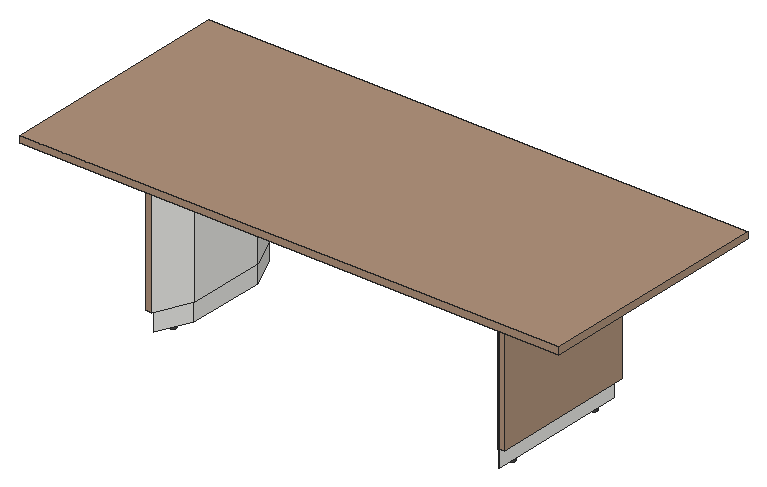
Revit family "Tables-Meeting-Teknion-BC_MHRB_Height_Adjustable_Meeting_Table_Bevel_Bases-R2019", category Furniture, Revit 2019
Family settings
  OmniClass Number = 23.40.20.00
  OmniClass Title = General Furniture and Specialties
  Work Plane-Based = No
  Always vertical = Yes
  Cut with Voids When Loaded = No
  Shared = Yes
  Room Calculation Point = No
Parameters (values of type "1 3/16" Worksurface Thickness, Standard Range - 28" to 43", 42" Depth")
  Worksurface Thickness = 1.189"
  Worksurface Finish [instance] = Source Laminate - Teknion - 3M - Provincial Oak
  Width [instance] = 96.000"
  Warranty = "http://www.teknion.com/ca/papers/legal-canada"
  Unit Weight URL = "http://www.teknion.com/ca/tools/assets#&asset=bee6a381-b954-425e-8283-5a2de3a804f2,f828d448-4b62-4231-9e5f-9a8991c0ed77"
  URL = "www.teknion.com"
  To render please download texture images found here [instance] = "https://assets.teknion.com/web/5e81352c1dfdb467/revit-material-swatches/"
  Sustainability Data = "https://www.teknion.com/ca/tools/assets#&topic=216f99a5-57a0-44fc-b10a-9dee9b29ae4c&asset=444deb64-fe58-4b68-981e-f75e97781df7,b4ff2d81-9f2e-437d-9659-7cffb09c31cf"
  Straight Corner [instance] = not(Radius Corner)  # yes
  Series = "Expansion Casegoods"  # constant formula
  Rounded [instance] = if(Radius Corner, 4.000", 0.500")  # 0.500"
  Radius Corner [instance] = no
  Product Page URL = "https://www.teknion.com/ca/products/product-details?productLineId=0053336e-8e7a-673b-a6c8-ff00004460c4"
  Product Line = "Expansion Casegoods"  # constant formula
  Product Documentation Link = "https://www.teknion.com/pricing/expansion-casegoods/pdfs/BC_MHRB_ppg.pdf"
  Power Pill Quad [instance] = no
  Power Module Cut-Out Options [instance] = "Select one of the options below"  # constant formula
  Power [instance] = if(Power Pill Quad, 4.000", 0.500")  # 0.500"
  Part Number = "BC_MHRB"  # constant formula
  No Cut-Out [instance] = not(or([Linear Power Module Compact 8"], [Linear Power Module Standard 18"], Power Pill Quad))  # yes
  Model = "BCMMHRBS42_____"
  Manufacturer Phone = "416-661-3370"  # constant formula
  Manufacturer Fax = "416.661.4586"  # constant formula
  Manufacturer Contact Information = "http://www.teknion.com/ca/contactus"
  Manufacturer Address = "1150 Flint Road, Toronto, ON. M3J 2J5. Canada"  # constant formula
  Manufacturer = "Teknion"  # constant formula
  Linear Power Module Standard 18" [instance] = no
  Linear Power Module Compact 8" [instance] = no
  Linear 8 [instance] = if([Linear Power Module Compact 8"], 4.000", 0.500")  # 0.500"
  Linear 18 [instance] = if([Linear Power Module Standard 18"], 4.000", 0.500")  # 0.500"
  How To Use Teknion Materials User Guide [instance] = "https://assets.teknion.com/m/205dd0a49fa58060/original/How-to-add-a-Material-Library-and-Texture-Images-to-your-Revit-project.pdf"
  Height [instance] = 29.362"
  For Additional Finishes please visit [instance] = "https://assets.teknion.com/m/44a8009b046e5d47/original/Teknion_Materials_Library.zip"
  End Pannel Thickness [instance] = if(Worksurface Thickness = 1.189", 1.016", 1.555")  # 1.016"
  End Panel Finish [instance] = Source Laminate - Teknion - 3M - Provincial Oak
  Description = "Rectangular Meeting Table - Blade Legs, 1 3/16\" Worksurface Thickness, Standard Range - 28\" to 43\", 42\" Depth"
  Depth = 41.790"
  Base Offset [instance] = if(Width = 72.000", 39.640", if(Width = 78.000", 39.640", if(Width = 84.000", 39.640", if(Width = 90.000", 57.550", 63.520"))))  # 63.520"
  Base Finish [instance] = Paint-Teknion-20-T-Foundation-Atrium White
  Available Height [instance] = "28\" to 43\""  # constant formula
  Available Corner Detail [instance] = "Select one of the options below"  # constant formula
  Available Widths [instance] = if(Depth < 42.000", "72\", 78\", 84\", 90\", or 96\"", "78\", 84\", 90\", or 96\"")  # "72\", 78\", 84\", 90\", or 96\""
  Assembly Code = "E2020200"
  Actual Width [instance] = if(Width = 72.000", 71.640", if(Width = 78.000", 77.610", if(Width = 84.000", 83.580", if(Width = 90.000", 89.550", 95.520"))))  # 95.520"
Types (5): name | Worksurface Thickness | Model | End Pannel Thickness | Description | Depth | Available Widths
  (no name) | 1.189" | "BCMMHRBS42_____" | 1.016" | "Rectangular Meeting Table - Blade Legs, 1 3/16\" Worksurface Thickness, Standard Range - 28\" to 43\", 42\" Depth" | 41.790" | "72\", 78\", 84\", 90\", or 96\""
  1 3/16" Worksurface Thickness, Standard Range - 28" to 43", 42" Depth | 1.189" | "BCMMHRBS42_____" | 1.016" | "Rectangular Meeting Table - Blade Legs, 1 3/16\" Worksurface Thickness, Standard Range - 28\" to 43\", 42\" Depth" | 41.790" | "72\", 78\", 84\", 90\", or 96\""
  1 3/16" Worksurface Thickness, Standard Range - 28" to 43", 48" Depth | 1.189" | "BCMMHRBS48_____" | 1.016" | "Rectangular Meeting Table - Blade Legs, 1 3/16\" Worksurface Thickness, Standard Range - 28\" to 43\", 48\" Depth" | 47.760" | "78\", 84\", 90\", or 96\""
  1 9/16" Worksurface Thickness, Standard Range - 28" to 43", 48" Depth | 1.555" | "BCXMHRBS48_____" | 1.555" | "Rectangular Meeting Table - Blade Legs, 1 9/16\" Worksurface Thickness, Standard Range - 28\" to 43\", 48\" Depth" | 47.760" | "78\", 84\", 90\", or 96\""
  1 9/16" Worksurface Thickness, Standard Range - 28" to 43", 42" Depth | 1.555" | "BCXMHRBS42_____" | 1.555" | "Rectangular Meeting Table - Blade Legs, 1 9/16\" Worksurface Thickness, Standard Range - 28\" to 43\", 42\" Depth" | 41.790" | "72\", 78\", 84\", 90\", or 96\""
Reference planes (in)
  plane 1 "Center Front/Back": y = 0
  plane 2: z = 0
  plane 3 "Center Left/Right": x = 0
  plane 4 "Left": x = -47.76
  plane 5 "Right": x = 47.76
  plane 6 "Back": y = 20.895
  plane 7 "Front": y = -20.895
  plane 8 "Top": z = 29.362
  plane 9: x = -31.76
  plane 10: x = 31.76
  plane 11: z = 28.173
  plane 12: z = 3.81482
  plane 13: z = 0.60236
Forms (in)
  Sweep 1, solid, material "Source Laminate - Teknion - 3M - Provincial Oak" <- "Worksurface Finish"
    path origin (0, 0, 0) x (1, 0, 0) y (0, 0, 1)
      loop
        line (0, 29.362) -> (0, 28.173)
    profile origin (0, 0, 28.7675) x (0, -1, 0) y (1, 0, 0)
      loop
        line (-20.895, -47.76) -> (20.895, -47.76) -> (20.895, 47.76) -> (-20.895, 47.76) -> (-20.895, -47.76)
  Sweep 2, void
    path origin (0, 0, 0) x (1, 0, 0) y (0, 0, 1)
      loop
        line (0, 26.862) -> (0, 26.362)
    profile origin (0, 0, 26.612) x (0, -1, 0) y (1, 0, 0)
      loop
        arc (-18.02, -47.76) -> (-20.05293, -46.91793) -> (-20.895, -44.885) r 2.875
        line (-20.895, -44.885) -> (-20.895, -47.76) -> (-18.02, -47.76)
      loop
        line (18.02, -47.76) -> (20.895, -47.76) -> (20.895, -44.885)
        arc (20.895, -44.885) -> (20.05293, -46.91793) -> (18.02, -47.76) r 2.875
      loop
        line (-18.02, 47.76) -> (-20.895, 47.76) -> (-20.895, 44.885)
        arc (-20.895, 44.885) -> (-20.05293, 46.91793) -> (-18.02, 47.76) r 2.875
      loop
        arc (18.02, 47.76) -> (20.05293, 46.91793) -> (20.895, 44.885) r 2.875
        line (20.895, 44.885) -> (20.895, 47.76) -> (18.02, 47.76)
  Sweep 3, void
    path origin (0, 0, 0) x (1, 0, 0) y (0, 0, 1)
      loop
        line (0, 26.362) -> (0, 26.862)
    profile origin (0, 0, 26.612) x (-1, 0, 0) y (0, -1, 0)
      loop
        line (-8.38583, -2.32283) -> (8.38583, -2.32283) -> (8.38583, 2.32283) -> (-8.38583, 2.32283) -> (-8.38583, -2.32283)
  Sweep 4, void
    path origin (0, 0, 0) x (1, 0, 0) y (0, 0, 1)
      loop
        line (0, 26.362) -> (0, 26.862)
    profile origin (0, 0, 26.612) x (-1, 0, 0) y (0, -1, 0)
      loop
        line (-3.87795, -2.32283) -> (3.87795, -2.32283) -> (3.87795, 2.32283) -> (-3.87795, 2.32283) -> (-3.87795, -2.32283)
  Sweep 5, void
    path origin (0, 0, 0) x (1, 0, 0) y (0, 0, 1)
      loop
        line (0, 26.362) -> (0, 26.862)
    profile origin (0, 0, 26.612) x (-1, 0, 0) y (0, -1, 0)
      loop
        line (-2.24409, -1.65354) -> (2.24409, -1.65354)
        arc (2.24409, -1.65354) -> (3.89764, 0) -> (2.24409, 1.65354) r 1.65354
        line (2.24409, 1.65354) -> (-2.24409, 1.65354)
        arc (-2.24409, 1.65354) -> (-3.89764, 0) -> (-2.24409, -1.65354) r 1.65354
  Sweep 6, solid, material "Source Laminate - Teknion - 3M - Provincial Oak" <- "End Panel Finish"
    path origin (0, 0, 0) x (1, 0, 0) y (0, 0, 1)
      loop
        line (0, 3.81482) -> (0, 28.173)
    profile origin (0, 0, 15.99391) x (-1, 0, 0) y (0, -1, 0)
      loop
        line (31.76025, -13) -> (31.76025, 13) -> (30.74425, 13) -> (30.74425, -13) -> (31.76025, -13)
      loop
        line (-31.76025, -13) -> (-30.74425, -13) -> (-30.74425, 13) -> (-31.76025, 13) -> (-31.76025, -13)
  Sweep 7, solid, material "Paint-Teknion-20-T-Foundation-Atrium White" <- "Base Finish"
    path origin (0, 0, 0) x (1, 0, 0) y (0, 0, 1)
      loop
        line (0, 3.81482) -> (0, 28.173)
    profile origin (0, 0, 15.99391) x (-1, 0, 0) y (0, -1, 0)
      loop
        line (27.9096, -7.02402) -> (30.64729, -13) -> (30.74425, -13) -> (30.74425, 13) -> (30.64729, 13) -> (27.9096, 7.02402) -> (27.9096, -7.02402)
      loop
        line (-27.9096, -7.02402) -> (-27.9096, 7.02402) -> (-30.64729, 13) -> (-30.74425, 13) -> (-30.74425, -13) -> (-30.64729, -13) -> (-27.9096, -7.02402)
  Sweep 8, solid, material "Paint-Teknion-20-T-Foundation-Atrium White" <- "Base Finish"
    path origin (0, 0, 0) x (1, 0, 0) y (0, 0, 1)
      loop
        line (0, 0.60236) -> (0, 3.81482)
    profile origin (0, 0, 2.20859) x (-1, 0, 0) y (0, -1, 0)
      loop
        line (27.98835, 7.00684) -> (27.98835, -7.00684) -> (30.5678, -12.63741) -> (30.66551, -12.63741) -> (30.66551, 12.63741) -> (30.5678, 12.63741) -> (27.98835, 7.00684)
      loop
        line (-27.98835, 7.00684) -> (-30.5678, 12.63741) -> (-30.66551, 12.63741) -> (-30.66551, -12.63741) -> (-30.5678, -12.63741) -> (-27.98835, -7.00684) -> (-27.98835, 7.00684)
  Sweep 9, solid, material "Paint-Teknion-20-T-Foundation-Atrium White" <- "Base Finish"
    path origin (0, 0, 0) x (1, 0, 0) y (0, 1, 0)
      loop
        line (-27.9096, 0) -> (27.9096, 0)
    profile origin (0, 0, 0) x (0, 1, 0) y (0, 0, 1)
      loop
        line (2.16535, 23.2912) -> (6.99213, 27.17309) -> (6.99213, 28.173) -> (-6.99213, 28.173) -> (-6.99213, 27.17309) -> (-2.16535, 23.2912) -> (2.16535, 23.2912)
  Sweep 10, solid, material "Paint-Teknion-20-T-Foundation-Atrium White" <- "Base Finish"
    path origin (0, 0, 0) x (1, 0, 0) y (0, 0, 1)
      loop
        line (0, 27.58254) -> (0, 28.173)
    profile origin (0, 0, 27.87777) x (-1, 0, 0) y (0, -1, 0)
      loop
        line (27.9096, -5.90551) -> (27.9096, 5.90551) -> (22.32299, 5.90551) -> (22.32299, -5.90551) -> (27.9096, -5.90551)
      loop
        line (-22.32299, -5.90551) -> (-22.32299, 5.90551) -> (-27.9096, 5.90551) -> (-27.9096, -5.90551) -> (-22.32299, -5.90551)
  Sweep 11, solid, material "Plastic - Teknion - E - Ebony"
    path origin (0, 0, 0) x (1, 0, 0) y (0, 0, 1)
      loop
        line (0, 0.60236) -> (0, 0)
    profile origin (0, 0, 0.30118) x (0, -1, 0) y (1, 0, 0)
      loop
        circle (9.08268, -30.00016) r 0.5
      loop
        circle (-9.08268, -30.00016) r 0.5
      loop
        circle (9.08268, 30.00016) r 0.5
      loop
        circle (-9.08268, 30.00016) r 0.5
Cuts and joins
  Sweep 2, Sweep 3, Sweep 4, Sweep 5 cuts Sweep 1
Lines and regions (in)
  Masking region 1, visible <- "Straight Corner"
    outline origin (0, 0, 0) x (1, 0, 0) y (0, 1, 0)
      loop
        line (-47.76, -20.895) -> (47.76, -20.895) -> (47.76, 20.895) -> (-47.76, 20.895) -> (-47.76, -20.895)
  Masking region 2, visible <- "Radius Corner"
    outline origin (0, 0, 0) x (1, 0, 0) y (0, 1, 0)
      loop
        line (-47.76, 18.02) -> (-47.76, -18.02)
        arc (-47.76, -18.02) -> (-46.91793, -20.05293) -> (-44.885, -20.895) r 2.875
        line (-44.885, -20.895) -> (44.885, -20.895)
        arc (44.885, -20.895) -> (46.91793, -20.05293) -> (47.76, -18.02) r 2.875
        line (47.76, -18.02) -> (47.76, 18.02)
        arc (47.76, 18.02) -> (46.91793, 20.05293) -> (44.885, 20.895) r 2.875
        line (44.885, 20.895) -> (-44.885, 20.895)
        arc (-44.885, 20.895) -> (-46.91793, 20.05293) -> (-47.76, 18.02) r 2.875
  symbolic lines, visible <- "Linear Power Module Standard 18""
    curve 1: line (8.38583, 2.32283, 0) -> (-8.38583, 2.32283, 0)
    curve 2: line (-8.38583, 2.32283, 0) -> (-8.38583, -2.32283, 0)
    curve 3: line (-8.38583, -2.32283, 0) -> (8.38583, -2.32283, 0)
    curve 4: line (8.38583, -2.32283, 0) -> (8.38583, 2.32283, 0)
  symbolic lines, visible <- "Linear Power Module Compact 8""
    curve 5: line (-3.87795, 2.32283, 0) -> (-3.87795, -2.32283, 0)
    curve 6: line (-3.87795, -2.32283, 0) -> (3.87795, -2.32283, 0)
    curve 7: line (3.87795, -2.32283, 0) -> (3.87795, 2.32283, 0)
    curve 8: line (3.87795, 2.32283, 0) -> (-3.87795, 2.32283, 0)
  symbolic lines, visible <- "Power Pill Quad"
    curve 9: line (2.24409, 1.65354, 0) -> (-2.24409, 1.65354, 0)
    curve 10: arc (-2.24409, 1.65354, 0) -> (-3.89764, 0, 0) -> (-2.24409, -1.65354, 0) r 1.65354
    curve 11: line (-2.24409, -1.65354, 0) -> (2.24409, -1.65354, 0)
    curve 12: arc (2.24409, -1.65354, 0) -> (3.89764, 0, 0) -> (2.24409, 1.65354, 0) r 1.65354
  symbolic lines, style "FurnitureHiddenLines", detail levels medium+fine
    curve 13: line (-27.9096, 7.02402, 0) -> (-30.64729, 13, 0)
    curve 14: line (-30.64729, 13, 0) -> (-30.74425, 13, 0)
    curve 15: line (-30.74425, 13, 0) -> (-30.74425, -13, 0)
    curve 16: line (-30.74425, -13, 0) -> (-30.64729, -13, 0)
    curve 17: line (-30.64729, -13, 0) -> (-27.9096, -7.02402, 0)
    curve 18: line (-27.9096, -7.02402, 0) -> (-27.9096, 7.02402, 0)
    curve 19: line (-30.5678, -12.63741, 0) -> (-27.98835, -7.00684, 0)
    curve 20: line (-27.98835, -7.00684, 0) -> (-27.98835, 7.00684, 0)
    curve 21: line (-27.98835, 7.00684, 0) -> (-30.5678, 12.63741, 0)
    curve 22: line (-30.5678, 12.63741, 0) -> (-30.66551, 12.63741, 0)
    curve 23: line (-30.66551, 12.63741, 0) -> (-30.66551, -12.63741, 0)
    curve 24: line (-30.66551, -12.63741, 0) -> (-30.5678, -12.63741, 0)
    curve 25: line (30.64729, 13, 0) -> (27.9096, 7.02402, 0)
    curve 26: line (27.9096, 7.02402, 0) -> (27.9096, -7.02402, 0)
    curve 27: line (27.9096, -7.02402, 0) -> (30.64729, -13, 0)
    curve 28: line (30.64729, -13, 0) -> (30.74425, -13, 0)
    curve 29: line (30.74425, -13, 0) -> (30.74425, 13, 0)
    curve 30: line (30.74425, 13, 0) -> (30.64729, 13, 0)
    curve 31: line (27.98835, -7.00684, 0) -> (30.5678, -12.63741, 0)
    curve 32: line (30.5678, -12.63741, 0) -> (30.66551, -12.63741, 0)
    curve 33: line (30.66551, -12.63741, 0) -> (30.66551, 12.63741, 0)
    curve 34: line (30.66551, 12.63741, 0) -> (30.5678, 12.63741, 0)
    curve 35: line (30.5678, 12.63741, 0) -> (27.98835, 7.00684, 0)
    curve 36: line (27.98835, 7.00684, 0) -> (27.98835, -7.00684, 0)
    curve 37: line (31.76025, 13, 0) -> (30.74425, 13, 0)
    curve 38: line (31.76025, -13, 0) -> (31.76025, 13, 0)
    curve 39: line (30.74425, -13, 0) -> (31.76025, -13, 0)
    curve 40: line (-31.76025, -13, 0) -> (-30.74425, -13, 0)
    curve 41: line (-31.76025, 13, 0) -> (-31.76025, -13, 0)
    curve 42: line (-30.74425, 13, 0) -> (-31.76025, 13, 0)
    curve 43: line (-27.9096, -5.90551, 0) -> (-22.32299, -5.90551, 0)
    curve 44: line (-22.32299, -5.90551, 0) -> (-22.32299, 5.90551, 0)
    curve 45: line (-22.32299, 5.90551, 0) -> (-27.9096, 5.90551, 0)
    curve 46: line (27.9096, 5.90551, 0) -> (22.32299, 5.90551, 0)
    curve 47: line (22.32299, -5.90551, 0) -> (27.9096, -5.90551, 0)
    curve 48: line (22.32299, 5.90551, 0) -> (22.32299, -5.90551, 0)
    curve 49: line (27.9096, 6.99213, 0) -> (-27.9096, 6.99213, 0)
    curve 50: line (27.9096, 2.16535, 0) -> (-27.9096, 2.16535, 0)
    curve 51: line (-27.9096, -2.16535, 0) -> (27.9096, -2.16535, 0)
    curve 52: line (-27.9096, -6.99213, 0) -> (27.9096, -6.99213, 0)
  symbolic lines, style "FurnitureHiddenLines", detail levels fine
    curve 53: arc (-30.00016, 8.58268, 0) -> (-29.50016, 9.08268, 0) -> (-30.00016, 9.58268, 0) r 0.5
    curve 54: arc (-30.00016, 9.58268, 0) -> (-30.50016, 9.08268, 0) -> (-30.00016, 8.58268, 0) r 0.5
    curve 55: arc (-30.00016, -9.58268, 0) -> (-29.50016, -9.08268, 0) -> (-30.00016, -8.58268, 0) r 0.5
    curve 56: arc (-30.00016, -8.58268, 0) -> (-30.50016, -9.08268, 0) -> (-30.00016, -9.58268, 0) r 0.5
    curve 57: arc (30.00016, -9.58268, 0) -> (30.50016, -9.08268, 0) -> (30.00016, -8.58268, 0) r 0.5
    curve 58: arc (30.00016, -8.58268, 0) -> (29.50016, -9.08268, 0) -> (30.00016, -9.58268, 0) r 0.5
    curve 59: arc (30.00016, 9.58268, 0) -> (29.50016, 9.08268, 0) -> (30.00016, 8.58268, 0) r 0.5
    curve 60: arc (30.00016, 8.58268, 0) -> (30.50016, 9.08268, 0) -> (30.00016, 9.58268, 0) r 0.5
Dimensions and locks (in)
  "Actual Width": plane 4 "Left" to plane 5 "Right"
  "Depth": plane 6 "Back" to plane 7 "Front"
  "Worksurface Thickness": plane 8 "Top" to plane 11
  equal spacing: plane 4 "Left", plane 3 "Center Left/Right", plane 5 "Right"
  equal spacing: plane 6 "Back", plane 1 "Center Front/Back", plane 7 "Front"
  locked: plane 8 "Top" to Sweep 2 sketch curve at 3
  "Rounded": Sweep 2 sketch curve to Sweep 2 sketch curve
  locked: plane 6 "Back" to Sweep 2 sketch curve at 2.875  (x2)
  locked: plane 4 "Left" to Sweep 2 sketch curve at 2.875  (x2)
  locked: plane 7 "Front" to Sweep 2 sketch curve at 2.875  (x2)
  locked: Sweep 2 sketch curve to plane 5 "Right" at 2.875  (x2)
  locked: plane 8 "Top" to Sweep 3 sketch curve at 3
  "Linear 18": Sweep 3 sketch curve to Sweep 3 sketch curve
  Sweep 3 sketch curve to plane 3 "Center Left/Right" to Sweep 3 sketch curve = 8.38583" locked, 8.38583" locked
  Sweep 3 sketch curve to plane 1 "Center Front/Back" to Sweep 3 sketch curve = 2.32283" locked, 2.32283" locked
  locked: plane 8 "Top" to Sweep 4 sketch curve at 3
  "Linear 8": Sweep 4 sketch curve to Sweep 4 sketch curve
  Sweep 4 sketch curve to plane 3 "Center Left/Right" to Sweep 4 sketch curve = 3.87795" locked, 3.87795" locked
  Sweep 4 sketch curve to plane 1 "Center Front/Back" to Sweep 4 sketch curve = 2.32283" locked, 2.32283" locked
  locked: plane 8 "Top" to Sweep 5 sketch curve at 3
  "Power": Sweep 5 sketch curve to Sweep 5 sketch curve
  Sweep 5 sketch curve to plane 3 "Center Left/Right" to Sweep 5 sketch curve = 2.24409" locked, 2.24409" locked
  Sweep 5 sketch curve to plane 1 "Center Front/Back" to Sweep 5 sketch curve = 1.65354" locked, 1.65354" locked
  equal spacing: plane 9, plane 3 "Center Left/Right", plane 10
  "Base Offset": plane 9 to plane 10
  locked: Sweep 6 sketch curve to Sweep 6 sketch curve at 24.35818
  "Worksurface Thickness": plane 8 "Top" to Sweep 6 sketch curve
  locked: plane 9 to Sweep 6 sketch curve at 1.01575
  locked: Sweep 6 sketch curve to plane 10 at 1.01575
  Sweep 6 sketch curve to Sweep 6 sketch curve to plane 1 "Center Front/Back" to Sweep 6 sketch curve to Sweep 6 sketch curve = 0.000" locked, 13.000" locked, 13.000" locked, 0.000" locked
  locked: Sweep 7 sketch curve to Sweep 7 sketch curve at 24.35818
  "Worksurface Thickness": plane 8 "Top" to Sweep 7 sketch curve
  Sweep 7 sketch curve to Sweep 7 sketch curve to plane 1 "Center Front/Back" to Sweep 7 sketch curve to Sweep 7 sketch curve = 0.000" locked, 13.000" locked, 13.000" locked, 0.000" locked
  plane 9 to Sweep 7 sketch curve to Sweep 7 sketch curve = 1.01575" locked, 2.83465" locked
  Sweep 7 sketch curve to Sweep 7 sketch curve to plane 10 = 2.83465" locked, 1.01575" locked
  locked: Sweep 8 sketch curve to level at 0.60236
  locked: Sweep 7 to Sweep 8 sketch curve at 0
  plane 9 to Sweep 8 sketch curve to Sweep 8 sketch curve = 1.09449" locked, 2.67717" locked
  Sweep 8 sketch curve to Sweep 8 sketch curve to plane 10 = 2.67717" locked, 1.09449" locked
  Sweep 8 sketch curve to Sweep 8 sketch curve to plane 1 "Center Front/Back" to Sweep 8 sketch curve to Sweep 8 sketch curve = 0.000" locked, 12.63741" locked, 12.63741" locked, 0.000" locked
  locked: Sweep 9 sketch curve to plane 10 at 3.8504
  locked: plane 9 to Sweep 9 sketch curve at 3.8504
  Sweep 9 sketch curve to plane 1 "Center Front/Back" to Sweep 9 sketch curve = 6.99213" locked, 6.99213" locked
  locked: Sweep 9 sketch curve to plane 11 at 4.8818
  locked: Sweep 10 sketch curve to Sweep 10 sketch curve at 0.59046
  plane 9 to Sweep 10 sketch curve to Sweep 10 sketch curve = 3.8504" locked, 5.58661" locked
  Sweep 10 sketch curve to Sweep 10 sketch curve to plane 10 = 5.58661" locked, 3.8504" locked
  Sweep 10 sketch curve to Sweep 10 sketch curve to plane 1 "Center Front/Back" to Sweep 10 sketch curve to Sweep 10 sketch curve = 0.000" locked, 5.90551" locked, 5.90551" locked, 0.000" locked
  Sweep 11 sketch curve to level to Sweep 11 sketch curve = 0.60236" locked, 0.000" locked
  plane 9 to Sweep 11 sketch curve to Sweep 11 sketch curve = 1.75984" locked, 0.000" locked
  Sweep 11 sketch curve to Sweep 11 sketch curve to plane 10 = 0.000" locked, 1.75984" locked
  Sweep 11 sketch curve to Sweep 11 sketch curve to plane 1 "Center Front/Back" to Sweep 11 sketch curve to Sweep 11 sketch curve = 0.000" locked, 9.08268" locked, 9.08268" locked, 0.000" locked
  "End Pannel Thickness": Sweep 6 sketch curve to Sweep 6 sketch curve  (x2)
  locked: plane 13 to level at 0.60236
  locked: plane 11 to plane 12 at 24.35818
  "Height": plane 8 "Top" to level
  aligned and locked: level to plane 2
  aligned and locked: Sweep 1 sketch curve to plane 3 "Center Left/Right"
  aligned and locked: plane 6 "Back" to Sweep 1 sketch curve
  aligned and locked: plane 4 "Left" to Sweep 1 sketch curve
  aligned and locked: Sweep 1 sketch curve to plane 7 "Front"
  aligned and locked: Sweep 1 sketch curve to plane 5 "Right"
  aligned and locked: Sweep 2 sketch curve to plane 3 "Center Left/Right"
  aligned and locked: Sweep 2 sketch curve to plane 5 "Right"
  aligned and locked: plane 4 "Left" to Sweep 2 sketch curve
  aligned and locked: Sweep 2 sketch curve to plane 7 "Front"
  aligned and locked: plane 7 "Front" to Sweep 2 sketch curve
  aligned and locked: plane 3 "Center Left/Right" to Sweep 3 sketch curve
  aligned and locked: plane 3 "Center Left/Right" to Sweep 4 sketch curve
  aligned and locked: plane 3 "Center Left/Right" to Sweep 5 sketch curve
  aligned and locked: Masking region 1 sketch curve to plane 4 "Left"
  aligned and locked: plane 6 "Back" to Masking region 1 sketch curve
  aligned and locked: plane 7 "Front" to Masking region 1 sketch curve
  aligned and locked: Masking region 1 sketch curve to plane 5 "Right"
  aligned and locked: Masking region 2 sketch curve to plane 4 "Left"
  aligned and locked: plane 7 "Front" to Masking region 2 sketch curve
  aligned and locked: Masking region 2 sketch curve to plane 5 "Right"
  aligned and locked: plane 6 "Back" to Masking region 2 sketch curve
  aligned and locked: curve 1 to Sweep 3
  aligned and locked: curve 2 to Sweep 3
  aligned and locked: curve 3 to Sweep 3
  aligned and locked: curve 4 to Sweep 3
  aligned and locked: curve 5 to Sweep 4
  aligned and locked: curve 6 to Sweep 4
  aligned and locked: curve 7 to Sweep 4
  aligned and locked: curve 8 to Sweep 4
  aligned and locked: curve 10 to Sweep 5
  aligned and locked: curve 12 to Sweep 5
  aligned and locked: plane 3 "Center Left/Right" to Sweep 6 sketch curve
  aligned and locked: plane 3 "Center Left/Right" to Sweep 7 sketch curve
  aligned and locked: plane 3 "Center Left/Right" to Sweep 8 sketch curve
  aligned and locked: plane 1 "Center Front/Back" to Sweep 9 sketch curve
  aligned and locked: plane 3 "Center Left/Right" to Sweep 10 sketch curve
  aligned and locked: Sweep 11 sketch curve to plane 3 "Center Left/Right"
  aligned and locked: curve 13 to Sweep 7
  aligned and locked: curve 14 to Sweep 7
  aligned and locked: curve 15 to Sweep 7
  aligned and locked: curve 16 to Sweep 7
  aligned and locked: curve 17 to Sweep 7
  aligned and locked: curve 18 to Sweep 7
  aligned and locked: curve 19 to Sweep 8
  aligned and locked: curve 20 to Sweep 8
  aligned and locked: curve 21 to Sweep 8
  aligned and locked: curve 22 to Sweep 8
  aligned and locked: curve 23 to Sweep 8
  aligned and locked: curve 24 to Sweep 8
  aligned and locked: curve 25 to Sweep 7
  aligned and locked: curve 26 to Sweep 7
  aligned and locked: curve 27 to Sweep 7
  aligned and locked: curve 28 to Sweep 7
  aligned and locked: curve 29 to Sweep 7
  aligned and locked: curve 30 to Sweep 7
  aligned and locked: curve 31 to Sweep 8
  aligned and locked: curve 32 to Sweep 8
  aligned and locked: curve 33 to Sweep 8
  aligned and locked: curve 35 to Sweep 8
  aligned and locked: curve 36 to Sweep 8
  aligned and locked: curve 37 to Sweep 6
  aligned and locked: curve 38 to Sweep 6
  aligned and locked: curve 39 to Sweep 6
  aligned and locked: curve 40 to Sweep 6
  aligned and locked: curve 41 to Sweep 6
  aligned and locked: curve 42 to Sweep 6
  aligned and locked: curve 43 to Sweep 10
  aligned and locked: curve 44 to Sweep 10
  aligned and locked: curve 45 to Sweep 10
  aligned and locked: curve 46 to Sweep 10
  aligned and locked: curve 47 to Sweep 10
  aligned and locked: curve 48 to Sweep 10
  aligned and locked: curve 49 to Sweep 9
  aligned and locked: curve 50 to Sweep 9
  aligned and locked: curve 51 to Sweep 9
  aligned and locked: curve 52 to Sweep 9
  aligned and locked: curve 53 to Sweep 11
  aligned and locked: curve 54 to Sweep 11
  aligned and locked: curve 55 to Sweep 11
  aligned and locked: curve 56 to Sweep 11
  aligned and locked: curve 57 to Sweep 11
  aligned and locked: curve 58 to Sweep 11
  aligned and locked: curve 59 to Sweep 11
  aligned and locked: curve 60 to Sweep 11
  aligned and locked: plane 8 "Top" to Sweep 1 sketch curve
  aligned and locked: plane 11 to Sweep 1 sketch curve
  aligned and locked: plane 11 to Sweep 10 sketch curve
  aligned and locked: plane 11 to Sweep 9 sketch curve
Automatic sketch dimensions
  plane 4 "Left" to Masking region 2 sketch curve = 2.875"  (x2)
  Masking region 2 sketch curve to Masking region 2 sketch curve = 2.875"  (x2)
  curve 5 to curve 9 = 1.63386"
  Sweep 7 sketch curve to Sweep 7 sketch curve = 0.09696"  (x3)
  Sweep 7 sketch curve to Sweep 7 sketch curve = 2.73769"
  Sweep 7 sketch curve to Sweep 7 sketch curve = 5.97598"  (x4)
  Sweep 8 sketch curve to Sweep 8 sketch curve = 0.09772"  (x3)
  Sweep 8 sketch curve to plane 1 "Center Front/Back" = 7.00684"
  Sweep 8 sketch curve to Sweep 8 sketch curve = 2.57945"
  Sweep 8 sketch curve to Sweep 8 sketch curve = 5.63057"  (x3)
  Sweep 9 sketch curve to profile plane = 2.16535"
  profile plane to Sweep 9 sketch curve = 2.16535"
  Sweep 9 sketch curve to Sweep 9 sketch curve = 0.99991"  (x2)
  curve 34 to curve 25 = 0.0795"
  radius of Sweep 11 sketch curve = 0.500"  (x4)
